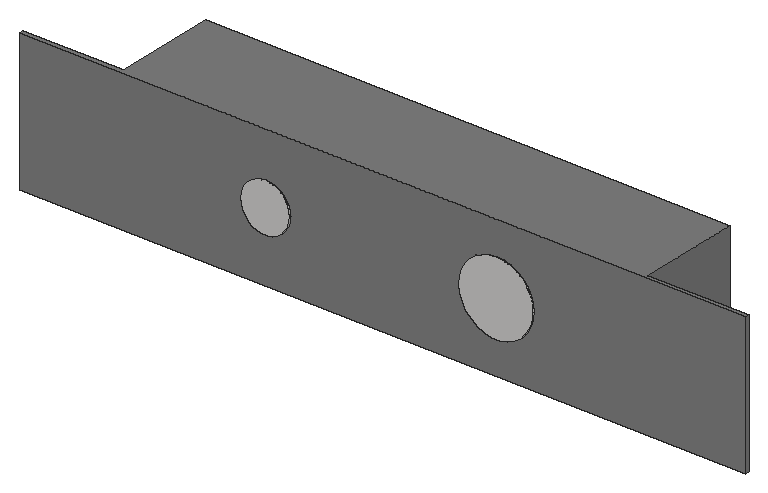
Revit family "CBR_4800", category Generic Models, Revit 2021
Family settings
  Can host rebar = No
  Round Connector Dimension = Use Diameter
  Part Type = Normal
  Work Plane-Based = No
  Always vertical = Yes
  Cut with Voids When Loaded = No
  Shared = No
  Room Calculation Point = No
Parameters (values of type "Standard")
  e-mail = "info@vola.com"
  URL = "http://vola.com"
  Telephone = "+45 7023 5500"
  Quality management standard = "ISO 9001"
  Organisation no. / DUNS no. = "17531328"
  Occupational health and safety management standard = "ISO 18001"
  Mounting Instructions = ""
  Model = "4800"
  Materials and components information = ""
  Manufacturer = "VOLA A/S"
  Maintenance Instructions = ""
  Guarantee = "2 years"
  Environmental management standard = "ISO 14000"
  Default Elevation = 0.00 mm
  Connection - All relevant connections = ""
  Approvals = ""
Types (2, lengths in mm): name | Mounting Instructions | Model | Materials and components information | Maintenance Instructions | Approvals
  Standard | "" | "4800" | "" | "" | ""
  4800 | "http://vola.com/service/producturl.ashx?name=4000" | "4000" | "http://vola.com/service/producturl.ashx?name=4000" | "http://vola.com/service/producturl.ashx?name=4000" | "http://vola.com/service/producturl.ashx?name=4000"
Reference planes
  plane 1 "Center (Front/Back)": y = 0
  plane 2: z = 0
  plane 3 "Center (Left/Right)": x = 0
  plane 4: z = 58.08
  plane 5: y = -27
  plane 6: y = -27
  plane 7: y = -72
Forms (mm)
  Extrusion 1, solid, material "Default"
    sketch origin (-39, -1, -10.92) x (1, 0, 0) y (0, 1, 0)
      loop
        line (-138, 1) -> (-138, -68) -> (216, -68) -> (216, 1) -> (-138, 1)
    from 21.5 to 116.5
  Extrusion 2, solid, material "Default"
    sketch origin (-1.25, -1, -10.92) x (1, 0, 0) y (0, 1, 0)
      loop
        line (-243.75, -68) -> (-243.75, -70.5) -> (246.25, -70.5) -> (246.25, -68) -> (-243.75, -68)
    from 21.5 to 116.5
  Extrusion 3, solid, material "Stainless Steel"
    sketch origin (38, -1, -10.92) x (1, 0, 0) y (0, 0, 1)
      loop
        circle (39, 69) r 25
    from 70.5 to 71
  Extrusion 4, solid, material "Stainless Steel"
    sketch origin (-118, -1, -10.92) x (1, 0, 0) y (0, 0, 1)
      loop
        circle (39, 69) r 16.5
    from 70.5 to 71
Cuts and joins
  joined: Extrusion 1, Extrusion 2
Lines and regions (mm)
  reference lines
    curve 1: line (77, -36.5, 58.08) -> (77, -36.5, 157.08)
    curve 2: line (77, -36.5, 58.08) -> (77, -36.5, -40.92)
    curve 3: line (-79, -28.5, 58.08) -> (-79, -28.5, 157.08)
    curve 4: line (-79, -28.5, 58.08) -> (-79, -28.5, -40.92)
    curve 5: line (-79, -27, 58.08) -> (-79, -122, 58.08)
    curve 6: line (77, -27, 58.08) -> (77, -114, 58.08)
Dimensions and locks
  aligned and locked: plane 2 to level
  aligned and locked: Extrusion 1 to Extrusion 2
  aligned and locked: Extrusion 2 to Extrusion 1
